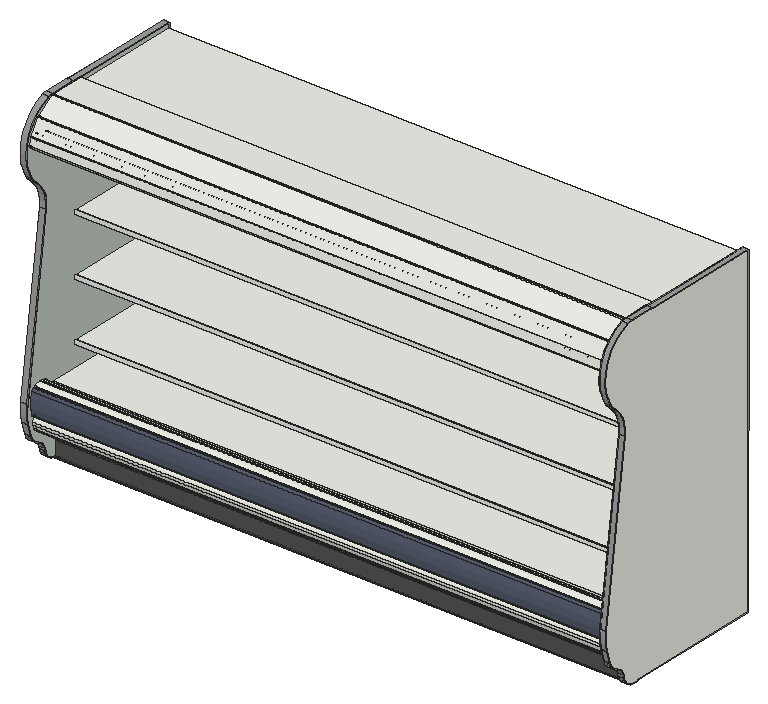
Revit family "ID5SL_2014", category Specialty Equipment, Revit 2014 (continued)
Automatic sketch dimensions
  Sweep 11 sketch curve to Sweep 11 sketch curve = 0.95394"
  Sweep 11 sketch curve to Sweep 11 sketch curve = 0.00027"
  Sweep 11 sketch curve to Sweep 11 sketch curve = 0"
  Sweep 11 sketch curve to Sweep 11 sketch curve = 0.00102"
  Sweep 11 sketch curve to profile plane = 0"
  Sweep 11 sketch curve to Sweep 11 sketch curve = 1/32"
  level to Sweep 12 sketch curve = 0.39646"
  level to Sweep 12 sketch curve = 0.59219"
  level to Sweep 12 sketch curve = 2.80742"
  Sweep 12 sketch curve to Sweep 12 sketch curve = 0.23593"
  Sweep 12 sketch curve to Sweep 12 sketch curve = 3.05697"
  Sweep 12 sketch curve to Sweep 12 sketch curve = 2.4625"
  plane 5 "Front" to Sweep 12 sketch curve = 2.02496"
  Sweep 12 sketch curve to Sweep 12 sketch curve = 0.6253"
  plane 5 "Front" to Sweep 12 sketch curve = 0.31043"
  Sweep 12 sketch curve to Sweep 12 sketch curve = 2.08108"
  Sweep 12 sketch curve to Sweep 12 sketch curve = 0.84195"
  Sweep 12 sketch curve to plane 5 "Front" = 0.51895"
  Sweep 12 sketch curve to Sweep 12 sketch curve = 3.09916"
  Sweep 12 sketch curve to Sweep 12 sketch curve = 5.19133"
  Sweep 12 sketch curve to plane 5 "Front" = 0.79868"
  Sweep 12 sketch curve to Sweep 12 sketch curve = 4.58424"
  plane 5 "Front" to Sweep 12 sketch curve = 4.75714"
  Sweep 12 sketch curve to plane 12 = 12.56515"
  plane 5 "Front" to Sweep 12 sketch curve = 5.04096"
  Sweep 12 sketch curve to Sweep 12 sketch curve = 2 5/256"
  Sweep 12 sketch curve to plane 5 "Front" = 2.49223"
  Sweep 12 sketch curve to Sweep 12 sketch curve = 1.05872"
  plane 12 to Sweep 12 sketch curve = 4.30203"
  plane 3 "Top" to Sweep 12 sketch curve = 4.86518"
  plane 3 "Top" to Sweep 12 sketch curve = 1.80168"
  Sweep 12 sketch curve to Sweep 12 sketch curve = 0.18955"
  plane 5 "Front" to Sweep 12 sketch curve = 1.94767"
  Sweep 12 sketch curve to Sweep 12 sketch curve = 1.20173"
  Sweep 12 sketch curve to Sweep 12 sketch curve = 2.93589"
  plane 5 "Front" to Sweep 12 sketch curve = 7.11277"
  Sweep 12 sketch curve to Sweep 12 sketch curve = 3.09451"
  Sweep 12 sketch curve to Sweep 12 sketch curve = 1.09259"
  Sweep 12 sketch curve to Sweep 12 sketch curve = 2.57071"
  Sweep 12 sketch curve to Sweep 12 sketch curve = 6.53024"
  Sweep 12 sketch curve to plane 1 "Back" = 0.42"
  Sweep 12 sketch curve to Sweep 12 sketch curve = 0.95394"
  Sweep 12 sketch curve to Sweep 12 sketch curve = 0.00027"
  Sweep 12 sketch curve to Sweep 12 sketch curve = 0"
  Sweep 12 sketch curve to Sweep 12 sketch curve = 0.00102"
  Sweep 12 sketch curve to profile plane = 0"
  profile plane to Sweep 12 sketch curve = 1/32"
  Extrusion 13 sketch curve to plane 5 "Front" = 2.49223"
  Extrusion 13 sketch curve to plane 5 "Front" = 0.79868"
  Extrusion 13 sketch curve to plane 5 "Front" = 0.51895"
  plane 5 "Front" to Extrusion 13 sketch curve = 0.31043"
  plane 5 "Front" to Extrusion 13 sketch curve = 1.94767"
  plane 5 "Front" to Extrusion 13 sketch curve = 2.02496"
  Extrusion 13 sketch curve to Extrusion 13 sketch curve = 1.20173"
  Extrusion 13 sketch curve to Extrusion 13 sketch curve = 1.42767"
  plane 5 "Front" to Extrusion 13 sketch curve = 4.75714"
  Extrusion 13 sketch curve to Extrusion 13 sketch curve = 2.93589"
  Extrusion 13 sketch curve to Extrusion 13 sketch curve = 0.28383"
  plane 3 "Top" to Extrusion 13 sketch curve = 1.61212"
  plane 5 "Front" to Extrusion 13 sketch curve = 7.11277"
  level to Extrusion 13 sketch curve = 0.39646"
  Extrusion 13 sketch curve to Extrusion 13 sketch curve = 3.09451"
  Extrusion 13 sketch curve to Extrusion 13 sketch curve = 3.14227"
  Extrusion 13 sketch curve to Extrusion 13 sketch curve = 1.09259"
  plane 12 to Extrusion 13 sketch curve = 4.30203"
  Extrusion 13 sketch curve to Extrusion 13 sketch curve = 2.57071"
  Extrusion 13 sketch curve to Extrusion 13 sketch curve = 6.40968"
  Extrusion 13 sketch curve to Extrusion 13 sketch curve = 6.53024"
  Extrusion 13 sketch curve to plane 1 "Back" = 0.42"
  level to Extrusion 13 sketch curve = 0.59219"
  level to Extrusion 13 sketch curve = 2.80742"
  Extrusion 13 sketch curve to Extrusion 13 sketch curve = 0.23593"
  Extrusion 13 sketch curve to Extrusion 13 sketch curve = 2.4625"
  Extrusion 13 sketch curve to Extrusion 13 sketch curve = 0.6253"
  Extrusion 13 sketch curve to Extrusion 13 sketch curve = 2.08108"
  Extrusion 13 sketch curve to Extrusion 13 sketch curve = 3.09916"
  Extrusion 13 sketch curve to Extrusion 13 sketch curve = 5.19133"
  Extrusion 13 sketch curve to plane 12 = 12.56515"
  Extrusion 13 sketch curve to Extrusion 13 sketch curve = 2 5/256"
  Extrusion 13 sketch curve to Extrusion 13 sketch curve = 1.05872"
  Extrusion 13 sketch curve to Extrusion 13 sketch curve = 3.25305"
  Extrusion 13 sketch curve to Extrusion 13 sketch curve = 0.18955"
  Extrusion 13 sketch curve to Extrusion 13 sketch curve = 0"
  Extrusion 13 sketch curve to Extrusion 13 sketch curve = 0.25554"
  Extrusion 13 sketch curve to Extrusion 13 sketch curve = 0.00102"
  Extrusion 13 sketch curve to Extrusion 13 sketch curve = 0.00027"
  level to Extrusion 14 sketch curve = 0.39646"
  level to Extrusion 14 sketch curve = 0.59219"
  level to Extrusion 14 sketch curve = 2.80742"
  Extrusion 14 sketch curve to Extrusion 14 sketch curve = 0.23593"
  Extrusion 14 sketch curve to Extrusion 14 sketch curve = 3.05697"
  Extrusion 14 sketch curve to Extrusion 14 sketch curve = 2.4625"
  plane 5 "Front" to Extrusion 14 sketch curve = 2.02496"
  Extrusion 14 sketch curve to Extrusion 14 sketch curve = 0.6253"
  plane 5 "Front" to Extrusion 14 sketch curve = 0.31043"
  Extrusion 14 sketch curve to Extrusion 14 sketch curve = 2.08108"
  Extrusion 14 sketch curve to Extrusion 14 sketch curve = 0.84195"
  Extrusion 14 sketch curve to plane 5 "Front" = 0.51895"
  Extrusion 14 sketch curve to Extrusion 14 sketch curve = 3.09916"
  Extrusion 14 sketch curve to Extrusion 14 sketch curve = 5.19133"
  Extrusion 14 sketch curve to plane 5 "Front" = 0.79868"
  Extrusion 14 sketch curve to Extrusion 14 sketch curve = 4.58424"
  plane 5 "Front" to Extrusion 14 sketch curve = 4.75714"
  Extrusion 14 sketch curve to plane 12 = 12.56515"
  plane 5 "Front" to Extrusion 14 sketch curve = 5.04096"
  Extrusion 14 sketch curve to Extrusion 14 sketch curve = 2 5/256"
  Extrusion 14 sketch curve to plane 5 "Front" = 2.49223"
  Extrusion 14 sketch curve to Extrusion 14 sketch curve = 1.05872"
  plane 12 to Extrusion 14 sketch curve = 4.30203"
  plane 3 "Top" to Extrusion 14 sketch curve = 4.86518"
  plane 3 "Top" to Extrusion 14 sketch curve = 1.80168"
  Extrusion 14 sketch curve to Extrusion 14 sketch curve = 0.18955"
  plane 5 "Front" to Extrusion 14 sketch curve = 13.64302"
  Extrusion 14 sketch curve to plane 1 "Back" = 0.42"
  plane 5 "Front" to Extrusion 14 sketch curve = 9.68348"
  plane 5 "Front" to Extrusion 14 sketch curve = 9.07066"
  Extrusion 14 sketch curve to Extrusion 14 sketch curve = 1.04484"
  Extrusion 14 sketch curve to Extrusion 14 sketch curve = 1.09259"
  Extrusion 14 sketch curve to Extrusion 14 sketch curve = 6.53024"
  Extrusion 14 sketch curve to Extrusion 14 sketch curve = 1.20173"
  plane 5 "Front" to Extrusion 14 sketch curve = 1.94767"
  Extrusion 14 sketch curve to Extrusion 14 sketch curve = 0.95394"
  Extrusion 14 sketch curve to Extrusion 14 sketch curve = 0.00027"
  Extrusion 14 sketch curve to Extrusion 14 sketch curve = 0"
  Extrusion 14 sketch curve to Extrusion 14 sketch curve = 0.00102"
  curve 5 to plane 1 "Back" = 0.45125"
  curve 7 to plane 1 "Back" = 0.45125"
  plane 3 "Top" to curve 11 = 1.58087"
  plane 3 "Top" to curve 13 = 1.58087"
  Extrusion 1 sketch curve to Extrusion 1 sketch curve = 0"  (x2)
  Extrusion 2 sketch curve to Extrusion 2 sketch curve = 0"
  Extrusion 3 sketch curve to Extrusion 3 sketch curve = 0"
  curve 2 to plane 5 "Front" = 0"
  plane 1 "Back" to curve 2 = 0"
  plane 1 "Back" to curve 1 = 0"
  Extrusion 15 sketch curve to plane 1 "Back" = 0"
  plane 1 "Back" to Extrusion 15 sketch curve = 6.26459"
  plane 1 "Back" to Extrusion 15 sketch curve = 6.45743"
  Extrusion 15 sketch curve to Extrusion 15 sketch curve = 1.43491"
  Extrusion 15 sketch curve to Extrusion 15 sketch curve = 0.41687"
  Extrusion 15 sketch curve to Extrusion 15 sketch curve = 0.24643"  (x2)
  Extrusion 15 sketch curve to Extrusion 15 sketch curve = 0.16264"  (x2)
  plane 1 "Back" to Extrusion 15 sketch curve = 8.95245"
  Extrusion 15 sketch curve to Extrusion 15 sketch curve = 4.56793"
  Extrusion 15 sketch curve to Extrusion 15 sketch curve = 3.33182"
  Extrusion 15 sketch curve to Extrusion 15 sketch curve = 0.39726"
  level to Extrusion 15 sketch curve = 2.05034"
  plane 3 "Top" to Extrusion 15 sketch curve = 2.73101"
  plane 5 "Front" to Extrusion 15 sketch curve = 15.88768"
  plane 3 "Top" to Extrusion 15 sketch curve = 5.7466"
  Extrusion 15 sketch curve to Extrusion 15 sketch curve = 2.82188"
  Extrusion 15 sketch curve to Extrusion 15 sketch curve = 1.23093"
  plane 5 "Front" to Extrusion 15 sketch curve = 8.38748"
  Extrusion 15 sketch curve to Extrusion 15 sketch curve = 3.63478"
  Extrusion 15 sketch curve to Extrusion 15 sketch curve = 0.20256"
  Extrusion 15 sketch curve to Extrusion 15 sketch curve = 0.03873"
  Extrusion 15 sketch curve to Extrusion 15 sketch curve = 0.10843"
  Extrusion 15 sketch curve to Extrusion 15 sketch curve = 0.81905"
  level to Extrusion 15 sketch curve = 6.20677"
  Extrusion 15 sketch curve to Extrusion 15 sketch curve = 0.0417"
  Extrusion 15 sketch curve to Extrusion 15 sketch curve = 0.02234"
  Extrusion 15 sketch curve to Extrusion 15 sketch curve = 0.24095"
  Extrusion 15 sketch curve to Extrusion 15 sketch curve = 0.09972"
  plane 3 "Top" to Extrusion 15 sketch curve = 1.80614"
  Extrusion 15 sketch curve to Extrusion 15 sketch curve = 0.27222"
  Extrusion 15 sketch curve to Extrusion 15 sketch curve = 2.5649"
  Extrusion 15 sketch curve to Extrusion 15 sketch curve = 0.10895"
  Extrusion 15 sketch curve to Extrusion 15 sketch curve = 0.25233"
  Extrusion 15 sketch curve to Extrusion 15 sketch curve = 0.0792"
  Extrusion 15 sketch curve to Extrusion 15 sketch curve = 0.12321"  (x5)
  Extrusion 15 sketch curve to Extrusion 15 sketch curve = 0.15584"
  Extrusion 15 sketch curve to Extrusion 15 sketch curve = 0.02034"
  Extrusion 15 sketch curve to Extrusion 15 sketch curve = 0.06998"
  Extrusion 15 sketch curve to Extrusion 15 sketch curve = 0.55474"
  Extrusion 15 sketch curve to Extrusion 15 sketch curve = 0.91586"
  Extrusion 15 sketch curve to Extrusion 15 sketch curve = 0.0393"
  Extrusion 15 sketch curve to Extrusion 15 sketch curve = 0.04965"
  Extrusion 15 sketch curve to Extrusion 15 sketch curve = 0.62419"
  Extrusion 15 sketch curve to Extrusion 15 sketch curve = 0.90121"
  Extrusion 15 sketch curve to Extrusion 15 sketch curve = 0.00799"
  Extrusion 15 sketch curve to Extrusion 15 sketch curve = 0.12263"
  Extrusion 15 sketch curve to Extrusion 15 sketch curve = 2.50153"
  plane 5 "Front" to Extrusion 15 sketch curve = 2.4989"
  Extrusion 15 sketch curve to Extrusion 15 sketch curve = 0.02612"
  Extrusion 15 sketch curve to Extrusion 15 sketch curve = 0.08774"
  Extrusion 15 sketch curve to Extrusion 15 sketch curve = 0.00586"
  Extrusion 15 sketch curve to Extrusion 15 sketch curve = 0.14473"
  Extrusion 15 sketch curve to Extrusion 15 sketch curve = 1.48694"
  plane 5 "Front" to Extrusion 15 sketch curve = 2.15613"
  Extrusion 15 sketch curve to Extrusion 15 sketch curve = 0.43126"
  Extrusion 15 sketch curve to Extrusion 15 sketch curve = 0.0616"  (x3)
  Extrusion 15 sketch curve to Extrusion 15 sketch curve = 0.47061"
  Extrusion 15 sketch curve to Extrusion 15 sketch curve = 0.0511"
  Extrusion 15 sketch curve to Extrusion 15 sketch curve = 0.24693"
  Extrusion 15 sketch curve to Extrusion 15 sketch curve = 0.08062"
  Extrusion 15 sketch curve to Extrusion 15 sketch curve = 0.06111"
  Extrusion 15 sketch curve to Extrusion 15 sketch curve = 0.00024"
  Extrusion 15 sketch curve to Extrusion 15 sketch curve = 0.0406"
  Extrusion 15 sketch curve to Extrusion 15 sketch curve = 0.13849"
  Extrusion 15 sketch curve to Extrusion 15 sketch curve = 0.04192"
  Extrusion 15 sketch curve to Extrusion 15 sketch curve = 5/128"
  Extrusion 15 sketch curve to Extrusion 15 sketch curve = 0.04733"
  Extrusion 15 sketch curve to Extrusion 15 sketch curve = 0.10432"
  Extrusion 15 sketch curve to Extrusion 15 sketch curve = 0.12462"
  Extrusion 15 sketch curve to Extrusion 15 sketch curve = 0.07704"
  Extrusion 15 sketch curve to Extrusion 15 sketch curve = 0.07909"  (x2)
  Extrusion 15 sketch curve to Extrusion 15 sketch curve = 0.05158"  (x2)
  Extrusion 15 sketch curve to Extrusion 15 sketch curve = 0.10489"
  Extrusion 15 sketch curve to Extrusion 15 sketch curve = 0.11271"
  Extrusion 15 sketch curve to Extrusion 15 sketch curve = 0.03385"
  Extrusion 15 sketch curve to Extrusion 15 sketch curve = 0.34073"
  Extrusion 15 sketch curve to Extrusion 15 sketch curve = 0.05036"
  plane 5 "Front" to Extrusion 15 sketch curve = 0.78561"
  plane 5 "Front" to Extrusion 15 sketch curve = 0.68024"
  Extrusion 15 sketch curve to Extrusion 15 sketch curve = 0.13463"
  Extrusion 15 sketch curve to Extrusion 15 sketch curve = 0.35096"
  Extrusion 15 sketch curve to Extrusion 15 sketch curve = 0.0834"
  Extrusion 15 sketch curve to Extrusion 15 sketch curve = 0"  (x9)
  plane 5 "Front" to Extrusion 15 sketch curve = 0.3855"
  plane 5 "Front" to Extrusion 15 sketch curve = 0.30129"
  plane 5 "Front" to Extrusion 15 sketch curve = 0.17113"
  plane 5 "Front" to Extrusion 15 sketch curve = 0.12751"
  Extrusion 15 sketch curve to Extrusion 15 sketch curve = 0.0259"
  plane 5 "Front" to Extrusion 15 sketch curve = 0.07886"
  Extrusion 15 sketch curve to plane 5 "Front" = 0.20057"
  Extrusion 15 sketch curve to Extrusion 15 sketch curve = 0.09228"
  Extrusion 15 sketch curve to Extrusion 15 sketch curve = 0.02801"
  Extrusion 15 sketch curve to Extrusion 15 sketch curve = 2.55548"
  Extrusion 15 sketch curve to Extrusion 15 sketch curve = 0.36996"
  Extrusion 15 sketch curve to Extrusion 15 sketch curve = 0.10851"
  Extrusion 15 sketch curve to Extrusion 15 sketch curve = 0.01936"
  Extrusion 15 sketch curve to Extrusion 15 sketch curve = 0.16263"
  Extrusion 15 sketch curve to Extrusion 15 sketch curve = 0.04319"
  Extrusion 15 sketch curve to Extrusion 15 sketch curve = 0.13588"
  Extrusion 15 sketch curve to Extrusion 15 sketch curve = 4.42727"
  Extrusion 15 sketch curve to Extrusion 15 sketch curve = 1.28367"
  Extrusion 15 sketch curve to Extrusion 15 sketch curve = 0.31176"
  Extrusion 15 sketch curve to Extrusion 15 sketch curve = 0.11965"
  Extrusion 15 sketch curve to Extrusion 15 sketch curve = 0.80224"
  Extrusion 15 sketch curve to Extrusion 15 sketch curve = 0.0576"
  Extrusion 15 sketch curve to Extrusion 15 sketch curve = 0.25682"
  Extrusion 15 sketch curve to Extrusion 15 sketch curve = 0.29643"
  Extrusion 15 sketch curve to Extrusion 15 sketch curve = 0.03588"
  Extrusion 15 sketch curve to Extrusion 15 sketch curve = 1.46593"
  Extrusion 15 sketch curve to Extrusion 15 sketch curve = 0.00989"
  Extrusion 15 sketch curve to Extrusion 15 sketch curve = 0.07289"
  Extrusion 15 sketch curve to Extrusion 15 sketch curve = 0.09956"
  Extrusion 15 sketch curve to Extrusion 15 sketch curve = 2.45478"
  Extrusion 15 sketch curve to Extrusion 15 sketch curve = 1.26896"
  Extrusion 15 sketch curve to Extrusion 15 sketch curve = 1.0494"
  Extrusion 15 sketch curve to Extrusion 15 sketch curve = 0.90782"
  Extrusion 15 sketch curve to Extrusion 15 sketch curve = 0.01186"
  Extrusion 15 sketch curve to Extrusion 15 sketch curve = 2.4841"
  Extrusion 15 sketch curve to Extrusion 15 sketch curve = 2.14501"
  Extrusion 15 sketch curve to Extrusion 15 sketch curve = 0.41364"
  Extrusion 15 sketch curve to Extrusion 15 sketch curve = 0.03007"
  Extrusion 15 sketch curve to Extrusion 15 sketch curve = 0.89633"
  Extrusion 15 sketch curve to Extrusion 15 sketch curve = 0.05073"
  Extrusion 15 sketch curve to Extrusion 15 sketch curve = 0.12468"
  Extrusion 15 sketch curve to Extrusion 15 sketch curve = 0.02867"
  Extrusion 15 sketch curve to Extrusion 15 sketch curve = 0.07834"
  plane 12 to Extrusion 15 sketch curve = 5.35012"
  Extrusion 15 sketch curve to Extrusion 15 sketch curve = 0.16513"
  Extrusion 15 sketch curve to Extrusion 15 sketch curve = 0.03251"
  Extrusion 15 sketch curve to Extrusion 15 sketch curve = 0.04157"
  Extrusion 15 sketch curve to Extrusion 15 sketch curve = 0.12379"
  Extrusion 15 sketch curve to Extrusion 15 sketch curve = 0.42009"
  Extrusion 15 sketch curve to Extrusion 15 sketch curve = 0.08165"
  Extrusion 15 sketch curve to Extrusion 15 sketch curve = 0.46703"
  Extrusion 15 sketch curve to Extrusion 15 sketch curve = 0.37645"
  Extrusion 15 sketch curve to Extrusion 15 sketch curve = 0.04596"
  Extrusion 15 sketch curve to Extrusion 15 sketch curve = 0.09227"
  Extrusion 15 sketch curve to Extrusion 15 sketch curve = 0.21648"
  Extrusion 15 sketch curve to Extrusion 15 sketch curve = 0.4966"
  Extrusion 15 sketch curve to Extrusion 15 sketch curve = 0.27742"
  Extrusion 15 sketch curve to Extrusion 15 sketch curve = 0.12833"
  Extrusion 15 sketch curve to Extrusion 15 sketch curve = 0.0374"
  Extrusion 15 sketch curve to Extrusion 15 sketch curve = 0.1602"
  Extrusion 15 sketch curve to Extrusion 15 sketch curve = 0.0443"
  Extrusion 15 sketch curve to Extrusion 15 sketch curve = 0.21366"
  Extrusion 15 sketch curve to Extrusion 15 sketch curve = 0.24597"
  Extrusion 15 sketch curve to Extrusion 15 sketch curve = 0.27065"
  Extrusion 15 sketch curve to Extrusion 15 sketch curve = 0.00005"
  Extrusion 15 sketch curve to Extrusion 15 sketch curve = 0.76525"
  plane 3 "Top" to Extrusion 15 sketch curve = 7.63745"
  Extrusion 15 sketch curve to Extrusion 15 sketch curve = 1.68161"
  Extrusion 15 sketch curve to Extrusion 15 sketch curve = 0.27819"
  Extrusion 15 sketch curve to Extrusion 15 sketch curve = 0.01074"
  Extrusion 15 sketch curve to Extrusion 15 sketch curve = 2.17151"
  Extrusion 15 sketch curve to Extrusion 15 sketch curve = 3.22412"
  Extrusion 15 sketch curve to Extrusion 15 sketch curve = 0.0591"
  Extrusion 15 sketch curve to Extrusion 15 sketch curve = 23/256"
  Extrusion 15 sketch curve to Extrusion 15 sketch curve = 0.00961"
  Extrusion 15 sketch curve to Extrusion 15 sketch curve = 0.03944"
  Extrusion 15 sketch curve to Extrusion 15 sketch curve = 0.81065"
  Extrusion 15 sketch curve to Extrusion 15 sketch curve = 0.41104"
  Extrusion 15 sketch curve to Extrusion 15 sketch curve = 0.00341"  (x2)
  Extrusion 15 sketch curve to Extrusion 15 sketch curve = 0.00108"  (x2)
  Extrusion 15 sketch curve to Extrusion 15 sketch curve = 0.00442"
  Extrusion 15 sketch curve to Extrusion 15 sketch curve = 0.02066"
  Extrusion 15 sketch curve to Extrusion 15 sketch curve = 0.10519"
  Extrusion 15 sketch curve to Extrusion 15 sketch curve = 0.06162"
  Extrusion 15 sketch curve to Extrusion 15 sketch curve = 0.04358"
  Extrusion 15 sketch curve to Extrusion 15 sketch curve = 0.0974"
  Extrusion 15 sketch curve to Extrusion 15 sketch curve = 0.00002"
  Extrusion 15 sketch curve to Extrusion 15 sketch curve = 0.06112"  (x2)
  Extrusion 15 sketch curve to Extrusion 15 sketch curve = 0.01324"
  Extrusion 15 sketch curve to Extrusion 15 sketch curve = 0.02339"
  Extrusion 15 sketch curve to Extrusion 15 sketch curve = 0.02795"
  Extrusion 15 sketch curve to Extrusion 15 sketch curve = 0.02726"
  Extrusion 15 sketch curve to Extrusion 15 sketch curve = 0.02341"
  Extrusion 15 sketch curve to Extrusion 15 sketch curve = 0.3077"
  plane 5 "Front" to Extrusion 15 sketch curve = 1.23112"
  plane 5 "Front" to Extrusion 15 sketch curve = 1.25883"
  Extrusion 15 sketch curve to Extrusion 15 sketch curve = 1.00532"
  Extrusion 15 sketch curve to Extrusion 15 sketch curve = 0.08712"
  Extrusion 15 sketch curve to Extrusion 15 sketch curve = 3.07653"
  Extrusion 15 sketch curve to Extrusion 15 sketch curve = 1.42822"
  Extrusion 15 sketch curve to Extrusion 15 sketch curve = 0.00409"
  Extrusion 15 sketch curve to Extrusion 15 sketch curve = 0.03206"
  Extrusion 15 sketch curve to Extrusion 15 sketch curve = 1.62725"
  Extrusion 15 sketch curve to Extrusion 15 sketch curve = 0.14884"
  Extrusion 15 sketch curve to Extrusion 15 sketch curve = 1.74789"
  Extrusion 4 sketch curve to Extrusion 4 sketch curve = 7.75405"
  Extrusion 4 sketch curve to Extrusion 4 sketch curve = 2.21437"
  Extrusion 4 sketch curve to Extrusion 4 sketch curve = 0.56556"
  Extrusion 4 sketch curve to plane 11 = 11.4449"
  Extrusion 4 sketch curve to Extrusion 4 sketch curve = 0.24983"
  Extrusion 4 sketch curve to Extrusion 4 sketch curve = 0.08311"
  Extrusion 4 sketch curve to Extrusion 4 sketch curve = 0.35966"  (x2)
  Extrusion 4 sketch curve to Extrusion 4 sketch curve = 0.10519"
  curve 15 to level = 0"
  plane 3 "Top" to curve 15 = 2.73101"
  curve 14 to plane 1 "Back" = 0.45125"
  plane 3 "Top" to curve 10 = 7.12251"
  curve 14 to curve 8 = 0.96058"
  plane 5 "Front" to Extrusion 7 sketch curve = 7.97"
  plane 5 "Front" to Extrusion 16 sketch curve = 7.43179"
  Extrusion 16 sketch curve to Extrusion 16 sketch curve = 0.02497"
  Extrusion 16 sketch curve to Extrusion 16 sketch curve = 0.03495"  (x2)
  Extrusion 16 sketch curve to Extrusion 16 sketch curve = 0.01498"  (x2)
  level to Extrusion 16 sketch curve = 4.97713"
  Extrusion 16 sketch curve to Extrusion 16 sketch curve = 0.00999"
  Extrusion 16 sketch curve to Extrusion 16 sketch curve = 0.00865"  (x2)
  Extrusion 16 sketch curve to Extrusion 16 sketch curve = 0.58691"
  Extrusion 16 sketch curve to Extrusion 16 sketch curve = 0.65722"
  Extrusion 16 sketch curve to Extrusion 16 sketch curve = 0.9866"
  Extrusion 16 sketch curve to Extrusion 16 sketch curve = 2.394"
Nested families (in)
  nested 1: "Floor Support-Skid-ID5SL" at (16.85547, 0, 0), visible <- "Supports", type "Floor Support-Skid"
  nested 2: "Floor Support-Skid-ID5SL" at (-31.14453, 0, 0), visible <- "Supports", type "Floor Support-Skid"
  nested 3: "Floor Support-Side Skid-ID5SL" at (-79.33203, 0, 0), type "Floor Support-Side Skid"
  nested 4: "Floor Support-Side Skid-ID5SL" at (69.09306, 0, 0) x (-1, 0, 0) z (0, 0, 1), type "Floor Support-Side Skid"
  nested 5: "Shelf" at (0, -7.70304, 19.25), visible <- "Shelf", type "Shelf"
    with Width 144 3/8", Depth 22"
  nested 6: "Shelf" at (0, -7.70304, 63.25), visible <- "Shelf", type "Shelf"
    with Width 144 3/8", Depth 22"
  nested 7: "Shelf" at (0, -7.70304, 33.91667), visible <- "Shelf", type "Shelf"
    with Width 144 3/8", Depth 22"
  nested 8: "Shelf" at (0, -7.70304, 48.58333), visible <- "Shelf", type "Shelf"
    with Width 144 3/8", Depth 22"
  nested 9: "Floor Support-Skid-ID5SL" at (-7.14453, 0, 0), visible <- "Center Support 1", type "Floor Support-Skid"
  nested 10: "Light" at (-5.11949, -26.17841, 22.79738), type "Light"
    with Length 144 3/8"
  nested 11: "Light" at (-5.11949, -20.09503, 15.25), visible <- "Shelf Lights", type "Light"
    with Length 144 3/8"
  nested 12: "Light" at (-5.11949, -20.09503, 0.58333), visible <- "Shelf Lights", type "Light"
    with Length 144 3/8"
  nested 13: "Light" at (-5.11949, -20.09503, -14.08333), visible <- "Shelf Lights", type "Light"
    with Length 144 3/8"
  nested 14: "Light" at (-5.11949, -20.09503, -28.75), visible <- "Shelf Lights", type "Light"
    with Length 144 3/8"
  nested 15: "Floor Support-Skid-ID5SL" at (-7.14453, 0, 0), visible <- "Center Support 2", type "Floor Support-Skid"
Connectors (in)
  piping at (-5.11949, -33.50149, 0), diameter 1.25, driven by "Waste Drain"
    settings: on Extrusion 1, index 8, connector inside diameter 1 1/4", connector length 0", flow factor 0, pipe flow 0 GPM, pressure drop 0.00 psi, fitting loss kfactor 0, connector angle 0.00°, fixture units 0, engagement length 0", angle of deflection 0.00°, flow configuration 0, flow direction 0, fitting loss method 0, system type 16, joint type 0, gender type 0, connector reference index -1, connector utility 0, adjustable connector no, is connector primary yes, connector description "1 1/4\""
  piping at (58.27404, -28.71552, 0), diameter 0.875, driven by "Refrig. Suction", driven by "Refrigeration Lines Suction"
    settings: on Extrusion 2, index 9, connector inside diameter 7/8", connector length 0", flow factor 0, pipe flow 0 GPM, pressure drop 0.00 psi, fitting loss kfactor 0, connector angle 0.00°, fixture units 0, engagement length 0", angle of deflection 0.00°, flow configuration 0, flow direction 2, fitting loss method 0, system type 22, joint type 0, gender type 0, connector reference index -1, connector utility 0, adjustable connector no, is connector primary no, connector description "Suction"
  piping at (58.89904, -28.71552, 0), diameter 0.375, driven by "Refrig. Liquid", driven by "Refrigeration Lines Liquid"
    settings: on Extrusion 3, index 10, connector inside diameter 3/8", connector length 0", flow factor 0, pipe flow 0 GPM, pressure drop 0.00 psi, fitting loss kfactor 0, connector angle 0.00°, fixture units 0, engagement length 0", angle of deflection 0.00°, flow configuration 0, flow direction 1, fitting loss method 0, system type 22, joint type 0, gender type 0, connector reference index -1, connector utility 0, adjustable connector no, is connector primary no, connector description "Liquid"
Definition of nested family "Floor Support-Skid-ID5SL"
  Parameters (values of type "Floor Support-Skid")
    Width = 8 69/128"
    URL = "www.hussmann.com"
    Type Comments = ""
    Revit Family Date = "11/19/2015"  # constant formula
    Model = ""
    Manufacturer = "Hussmann Corporation"
    Height = 10.26407"
    Floor Support = none
    Description = ""
    Depth = 35.02835"
    Assembly Code = ""
    Accessories/Options = ""
  Reference planes (in)
    plane 1 "Back": y = 0
    plane 2 "Bottom": z = 0
    plane 3 "Top": z = 10.26407
    plane 4 "Left": x = -2.24449
    plane 5 "Right": x = 6.29458
    plane 6 "Front": y = -35.02835
    plane 7 "Center (Left/Right)": x = 2.02504
  Forms (in)
    Extrusion 1, solid, material <- "Floor Support"
      sketch origin (2.02504, 0, 0) x (0, 1, 0) y (0, 0, 1)
        loop
          line (-29.40639, 5.83681) -> (-27.20286, 4.66023)
          arc (-27.20286, 4.66023) -> (-27.1357, 4.59907) -> (-27.10579, 4.5133) r 0.18482
          line (-27.10579, 4.5133) -> (-27.05944, 3.98345) -> (-26.97437, 3.17009) -> (-25.04952, 3.17009)
          arc (-25.04952, 3.17009) -> (-24.97473, 3.14018) -> (-24.93349, 3.07099) r 0.12559
          line (-24.93349, 3.07099) -> (-24.5586, 0.70402)
          arc (-24.5586, 0.70402) -> (-24.58697, 0.60343) -> (-24.68189, 0.55967) r 0.12483
          line (-24.68189, 0.55967) -> (-26.66101, 0.55967)
          arc (-26.66101, 0.55967) -> (-26.55131, 0.46488) -> (-26.4104, 0.43076) r 0.30804
          line (-26.4104, 0.43076) -> (-26.14336, 0.43076)
          arc (-26.14336, 0.43076) -> (-26.05095, 0.406) -> (-25.9833, 0.33835) r 0.18482
          arc (-25.9833, 0.33835) -> (-25.87055, 0.2256) -> (-25.71653, 0.18433) r 0.30804
          line (-25.71653, 0.18433) -> (-24.98506, 0.18433)
          arc (-24.98506, 0.18433) -> (-24.81384, 0.04847) -> (-24.60071, 0) r 0.49286
          arc (-24.60071, 0) -> (-24.38759, 0.04847) -> (-24.21637, 0.18433) r 0.49286
          line (-24.21637, 0.18433) -> (-17.67662, 0.18433)
          arc (-17.67662, 0.18433) -> (-17.55874, 0.20778) -> (-17.4588, 0.27455) r 0.30804
          line (-17.4588, 0.27455) -> (-17.34631, 0.38704)
          arc (-17.34631, 0.38704) -> (-17.30507, 0.41774) -> (-17.25677, 0.43531) r 0.17728
          arc (-17.25677, 0.43531) -> (-12.64597, 0.90587) -> (-8.03518, 0.43531) r 22.82483
          arc (-8.03518, 0.43531) -> (-7.98687, 0.41774) -> (-7.94563, 0.38704) r 0.17728
          line (-7.94563, 0.38704) -> (-7.83314, 0.27455)
          arc (-7.83314, 0.27455) -> (-7.73321, 0.20778) -> (-7.61533, 0.18433) r 0.30804
          line (-7.61533, 0.18433) -> (-6.07708, 0.18433)
          arc (-6.07708, 0.18433) -> (-5.90587, 0.04847) -> (-5.69274, 0) r 0.49286
          arc (-5.69274, 0) -> (-5.47961, 0.04847) -> (-5.3084, 0.18433) r 0.49286
          line (-5.3084, 0.18433) -> (-3.31322, 0.18433)
          arc (-3.31322, 0.18433) -> (-3.09766, 0.27252) -> (-3.00573, 0.4865) r 0.30754
          line (-3.00573, 0.4865) -> (-2.93724, 3.46811) -> (-2.93314, 3.70314) -> (-2.92898, 3.94128) -> (-2.92648, 4.08452) -> (-2.92226, 4.32621)
          arc (-2.92226, 4.32621) -> (-2.90756, 4.39537) -> (-2.86802, 4.454) r 0.18531
          line (-2.86802, 4.454) -> (-0.13552, 6.56853)
          arc (-0.13552, 6.56853) -> (-0.06948, 6.66674) -> (-0.04533, 6.78259) r 0.30804
          line (-0.04533, 6.78259) -> (-0.00307, 10.26255) -> (-8.95245, 5.83681) -> (-29.40639, 5.83681)
      from -4.26953 to 4.26953
    Extrusion 2, solid, material <- "Floor Support"
      sketch origin (2.02504, 0, 0) x (0, 1, 0) y (0, 0, 1)
        loop
          line (-35.02835, 1.46307) -> (-35.02835, 0.40391) -> (-26.8256, 0.40391) -> (-26.8256, 0.55967) -> (-24.68189, 0.55967)
          arc (-24.68189, 0.55967) -> (-24.58697, 0.60343) -> (-24.5586, 0.70402) r 0.12483
          line (-24.5586, 0.70402) -> (-24.93349, 3.07099)
          arc (-24.93349, 3.07099) -> (-24.97473, 3.14018) -> (-25.04952, 3.17009) r 0.12559
          line (-25.04952, 3.17009) -> (-27.68576, 3.17009) -> (-35.02835, 1.46307)
      from -4.26953 to 4.26953
    Extrusion 3, void
      sketch origin (0, 0, 0) x (1, 0, 0) y (0, 1, 0)
        loop
          line (-3.47496, 1.49815) -> (-3.47496, -35.02835) -> (0.98283, -35.02835) -> (0.98283, -34.87538) -> (0.82679, -34.87538) -> (0.82679, -30.00466) -> (-0.52044, -30.00466)
          arc (-0.52044, -30.00466) -> (-1.07593, -29.89805) -> (-1.55249, -29.5934) r 1.50058
          arc (-1.55249, -29.5934) -> (-1.78569, -29.2595) -> (-1.86829, -28.86069) r 1.01143
          line (-1.86829, -28.86069) -> (-1.86829, -8.49332) -> (-2.2437, -0.4164)
          spline (-2.2437, -0.4164) -> (-2.24349, -0.40764) -> (-2.24204, -0.39904) -> (-2.23939, -0.3908) -> (-2.23558, -0.38306) -> (-2.2307, -0.37599) -> (-2.22484, -0.36972) -> (-2.21811, -0.36439) -> (-2.21065, -0.36009) -> (-2.20261, -0.35691) -> (-2.19415, -0.35491) -> (-2.18544, -0.35414) -> (-2.17664, -0.35462)
          line (-2.17664, -0.35462) -> (-1.55563, -0.35462)
          spline (-1.55563, -0.35462) -> (-1.54753, -0.35408) -> (-1.53962, -0.3525) -> (-1.53204, -0.34988) -> (-1.52491, -0.34628) -> (-1.51835, -0.34175) -> (-1.51248, -0.33638) -> (-1.5074, -0.33026) -> (-1.5032, -0.32349) -> (-1.49994, -0.31618) -> (-1.49768, -0.30847) -> (-1.49647, -0.30048) -> (-1.49631, -0.29235)
          line (-1.49631, -0.29235) -> (-1.50101, -0.19117)
          spline (-1.50101, -0.19117) -> (-1.50055, -0.16661) -> (-1.49689, -0.14248) -> (-1.49008, -0.11917) -> (-1.48026, -0.09711) -> (-1.46758, -0.07665) -> (-1.45226, -0.05815) -> (-1.43457, -0.04193) -> (-1.41481, -0.02827) -> (-1.3933, -0.01739) -> (-1.37043, -0.00948) -> (-1.34659, -0.00468) -> (-1.32217, -0.00307)
          line (-1.32217, -0.00307) -> (5.37226, -0.00307)
          spline (5.37226, -0.00307) -> (5.39668, -0.00468) -> (5.42052, -0.00948) -> (5.44339, -0.01739) -> (5.4649, -0.02827) -> (5.48466, -0.04193) -> (5.50235, -0.05815) -> (5.51767, -0.07665) -> (5.53035, -0.09711) -> (5.54017, -0.11917) -> (5.54698, -0.14248) -> (5.55064, -0.16661) -> (5.5511, -0.19117)
          line (5.5511, -0.19117) -> (5.5464, -0.29235)
          spline (5.5464, -0.29235) -> (5.54661, -0.30112) -> (5.54806, -0.30971) -> (5.55071, -0.31796) -> (5.55452, -0.32569) -> (5.5594, -0.33276) -> (5.56527, -0.33903) -> (5.572, -0.34437) -> (5.57945, -0.34867) -> (5.58749, -0.35185) -> (5.59595, -0.35384) -> (5.60467, -0.35461) -> (5.61346, -0.35414)
          line (5.61346, -0.35414) -> (6.23447, -0.35414)
          spline (6.23447, -0.35414) -> (6.24257, -0.35467) -> (6.25048, -0.35626) -> (6.25806, -0.35888) -> (6.2652, -0.36248) -> (6.27175, -0.367) -> (6.27762, -0.37237) -> (6.2827, -0.37849) -> (6.28691, -0.38527) -> (6.29016, -0.39257) -> (6.29242, -0.40029) -> (6.29364, -0.40828) -> (6.29379, -0.4164)
          line (6.29379, -0.4164) -> (5.91838, -8.49332) -> (5.91838, -28.86069)
          arc (5.91838, -28.86069) -> (5.83578, -29.2595) -> (5.60258, -29.5934) r 1.01143
          arc (5.60258, -29.5934) -> (5.12602, -29.89805) -> (4.57053, -30.00466) r 1.50058
          line (4.57053, -30.00466) -> (3.2233, -30.00466) -> (3.2233, -34.87538) -> (3.06726, -34.87538) -> (3.06726, -35.02835) -> (7.52504, -35.02835) -> (7.52504, 1.49815) -> (-3.47496, 1.49815)
      from 0 to 10.26407
  Cuts and joins
    Extrusion 3 cuts Extrusion 2
  Dimensions and locks (in)
    equal spacing: plane 4 "Left", plane 7 "Center (Left/Right)", plane 5 "Right"
    "Width": plane 4 "Left" to plane 5 "Right"
    "Depth": plane 6 "Front" to plane 1 "Back"
    "Height": plane 3 "Top" to level
    Extrusion 3 sketch curve to plane 7 "Center (Left/Right)" to Extrusion 3 sketch curve = 5 1/2", 5 1/2"
    aligned and locked: Extrusion 1 to plane 4 "Left"
    aligned and locked: plane 5 "Right" to Extrusion 1
    aligned and locked: Extrusion 2 to plane 4 "Left"
    aligned and locked: plane 5 "Right" to Extrusion 2
    aligned and locked: Extrusion 3 to level
    aligned and locked: Extrusion 3 to plane 3 "Top"
  Automatic sketch dimensions
    Extrusion 1 sketch curve to Extrusion 1 sketch curve = 0.26705"
    Extrusion 1 sketch curve to Extrusion 1 sketch curve = 0.42683"
    Extrusion 1 sketch curve to Extrusion 1 sketch curve = 6.53976"
    level to Extrusion 1 sketch curve = 0.27455"
    Extrusion 1 sketch curve to Extrusion 1 sketch curve = 0.21781"  (x3)
    level to Extrusion 1 sketch curve = 0.38704"  (x2)
    Extrusion 1 sketch curve to Extrusion 1 sketch curve = 0.11249"  (x2)
    Extrusion 1 sketch curve to Extrusion 1 sketch curve = 0.12536"  (x3)
    plane 1 "Back" to Extrusion 1 sketch curve = 12.64597"
    plane 3 "Top" to Extrusion 1 sketch curve = 4.42727"
    plane 1 "Back" to Extrusion 1 sketch curve = 8.95245"
    level to Extrusion 1 sketch curve = 0.26169"
    Extrusion 1 sketch curve to Extrusion 1 sketch curve = 0.88146"
    Extrusion 1 sketch curve to Extrusion 1 sketch curve = 1.53824"
    Extrusion 1 sketch curve to Extrusion 1 sketch curve = 1.99518"
    level to Extrusion 1 sketch curve = 0.4865"
    Extrusion 1 sketch curve to Extrusion 1 sketch curve = 0.3075"
    plane 1 "Back" to Extrusion 1 sketch curve = 2.93724"
    Extrusion 1 sketch curve to Extrusion 1 sketch curve = 0.0041"
    Extrusion 1 sketch curve to Extrusion 1 sketch curve = 0.00416"
    Extrusion 1 sketch curve to Extrusion 1 sketch curve = 0.0025"
    Extrusion 1 sketch curve to Extrusion 1 sketch curve = 0.00422"
    Extrusion 1 sketch curve to Extrusion 1 sketch curve = 0.05424"
    Extrusion 1 sketch curve to Extrusion 1 sketch curve = 0.13105"
    plane 1 "Back" to Extrusion 1 sketch curve = 0.35335"
    plane 1 "Back" to Extrusion 1 sketch curve = 0.13552"
    plane 1 "Back" to Extrusion 1 sketch curve = 0.04533"
    plane 3 "Top" to Extrusion 1 sketch curve = 0.00152"
    plane 1 "Back" to Extrusion 1 sketch curve = 0.00307"
    Extrusion 1 sketch curve to level = 21.91896"
    level to Extrusion 1 sketch curve = 0.24594"
    Extrusion 1 sketch curve to Extrusion 1 sketch curve = 0.18482"
    Extrusion 1 sketch curve to Extrusion 1 sketch curve = 0.30804"  (x2)
    Extrusion 1 sketch curve to Extrusion 1 sketch curve = 2.98161"
    Extrusion 1 sketch curve to Extrusion 1 sketch curve = 0.23503"
    Extrusion 1 sketch curve to Extrusion 1 sketch curve = 0.23814"
    Extrusion 1 sketch curve to Extrusion 1 sketch curve = 0.14324"
    Extrusion 1 sketch curve to Extrusion 1 sketch curve = 0.23845"
    Extrusion 1 sketch curve to Extrusion 1 sketch curve = 0.00323"
    Extrusion 1 sketch curve to Extrusion 1 sketch curve = 2.24556"
    Extrusion 1 sketch curve to Extrusion 1 sketch curve = 0.21406"
    Extrusion 1 sketch curve to Extrusion 1 sketch curve = 0.2506"
    plane 6 "Front" to Extrusion 1 sketch curve = 5.62196"
    Extrusion 1 sketch curve to Extrusion 1 sketch curve = 0"  (x4)
    Extrusion 1 sketch curve to Extrusion 1 sketch curve = 0.87951"
    level to Extrusion 1 sketch curve = 4.66023"
    Extrusion 1 sketch curve to Extrusion 1 sketch curve = 0.08705"
    level to Extrusion 1 sketch curve = 4.5133"
    Extrusion 1 sketch curve to Extrusion 1 sketch curve = 0.09706"
    level to Extrusion 1 sketch curve = 3.98345"
    Extrusion 1 sketch curve to Extrusion 1 sketch curve = 0.04636"
    Extrusion 1 sketch curve to Extrusion 1 sketch curve = 2.20353"
    Extrusion 1 sketch curve to Extrusion 1 sketch curve = 0.08507"
    Extrusion 1 sketch curve to Extrusion 1 sketch curve = 1.92485"
    level to Extrusion 1 sketch curve = 3.07099"
    Extrusion 1 sketch curve to Extrusion 1 sketch curve = 0.11603"
    Extrusion 1 sketch curve to Extrusion 1 sketch curve = 0.00677"
    Extrusion 1 sketch curve to Extrusion 1 sketch curve = 0.12329"
    Extrusion 1 sketch curve to Extrusion 1 sketch curve = 5/256"
    Extrusion 1 sketch curve to level = 0"  (x2)
    Extrusion 1 sketch curve to Extrusion 1 sketch curve = 0.08117"
    Extrusion 1 sketch curve to Extrusion 1 sketch curve = 0.06681"
    level to Extrusion 1 sketch curve = 0.18433"  (x4)
    Extrusion 1 sketch curve to Extrusion 1 sketch curve = 0.02631"
    Extrusion 1 sketch curve to Extrusion 1 sketch curve = 0.38434"
    Extrusion 1 sketch curve to Extrusion 1 sketch curve = 0.73147"
    level to Extrusion 2 sketch curve = 3.17009"
    plane 6 "Front" to Extrusion 2 sketch curve = 7.3426"
    Extrusion 2 sketch curve to Extrusion 2 sketch curve = 2.63624"
    level to Extrusion 2 sketch curve = 1.46307"
    Extrusion 2 sketch curve to Extrusion 2 sketch curve = 0.00677"
    Extrusion 2 sketch curve to Extrusion 2 sketch curve = 0.12541"
    Extrusion 2 sketch curve to Extrusion 2 sketch curve = 0.1228"
    level to Extrusion 2 sketch curve = 0.70402"
    Extrusion 2 sketch curve to Extrusion 2 sketch curve = 0.49769"
    Extrusion 2 sketch curve to Extrusion 2 sketch curve = 0.12329"
    Extrusion 2 sketch curve to Extrusion 2 sketch curve = 5/256"
    Extrusion 2 sketch curve to Extrusion 2 sketch curve = 2.14371"
    Extrusion 2 sketch curve to Extrusion 2 sketch curve = 0.15577"
    Extrusion 3 sketch curve to plane 6 "Front" = 0"  (x2)
    plane 4 "Left" to Extrusion 3 sketch curve = 0.00078"
    plane 4 "Left" to Extrusion 3 sketch curve = 0.06784"
    plane 4 "Left" to Extrusion 3 sketch curve = 0.37619"
    plane 1 "Back" to Extrusion 3 sketch curve = 0.35462"
    Extrusion 3 sketch curve to Extrusion 3 sketch curve = 0.62101"
    plane 1 "Back" to Extrusion 3 sketch curve = 0.19117"  (x2)
    Extrusion 3 sketch curve to Extrusion 3 sketch curve = 0.05462"
    Extrusion 3 sketch curve to Extrusion 3 sketch curve = 0.05932"
    plane 1 "Back" to Extrusion 3 sketch curve = 0.00307"
    Extrusion 3 sketch curve to Extrusion 3 sketch curve = 0.17885"
    Extrusion 3 sketch curve to Extrusion 3 sketch curve = 1.01143"
    Extrusion 3 sketch curve to Extrusion 3 sketch curve = 0.33642"  (x2)
    Extrusion 3 sketch curve to plane 7 "Center (Left/Right)" = 1.19826"
    Extrusion 3 sketch curve to Extrusion 3 sketch curve = 0.15604"  (x2)
    plane 6 "Front" to Extrusion 3 sketch curve = 0.15297"
    plane 7 "Center (Left/Right)" to Extrusion 3 sketch curve = 1.04221"
    Extrusion 3 sketch curve to plane 5 "Right" = 1.72404"
    Extrusion 3 sketch curve to plane 5 "Right" = 0.92232"
    plane 1 "Back" to Extrusion 3 sketch curve = 0.29235"
    Extrusion 3 sketch curve to Extrusion 3 sketch curve = 0.17414"
    Extrusion 3 sketch curve to Extrusion 3 sketch curve = 0.0047"
    Extrusion 3 sketch curve to Extrusion 3 sketch curve = 0.06706"
    Extrusion 3 sketch curve to plane 5 "Right" = 0.37619"
    Extrusion 3 sketch curve to plane 5 "Right" = 0.0601"
    Extrusion 3 sketch curve to plane 5 "Right" = 0.00078"
    Extrusion 3 sketch curve to Extrusion 3 sketch curve = 0.15297"
    Extrusion 3 sketch curve to Extrusion 3 sketch curve = 4.87073"
    Extrusion 3 sketch curve to Extrusion 3 sketch curve = 0"  (x2)
    Extrusion 3 sketch curve to Extrusion 3 sketch curve = 1.14396"  (x2)
    Extrusion 3 sketch curve to Extrusion 3 sketch curve = 0.00152"  (x2)
    Extrusion 3 sketch curve to Extrusion 3 sketch curve = 0.35509"  (x2)
    Extrusion 3 sketch curve to Extrusion 3 sketch curve = 8.1387"
    Extrusion 3 sketch curve to Extrusion 3 sketch curve = 0.06179"
    plane 1 "Back" to Extrusion 3 sketch curve = 0.4164"
    Extrusion 3 sketch curve to Extrusion 3 sketch curve = 0.06227"  (x2)
    Extrusion 3 sketch curve to plane 1 "Back" = 1.49815"
    Extrusion 3 sketch curve to Extrusion 3 sketch curve = 0.00479"  (x2)
    Extrusion 3 sketch curve to Extrusion 3 sketch curve = 0.04521"  (x2)
    Extrusion 3 sketch curve to Extrusion 3 sketch curve = 0.10747"
    Extrusion 3 sketch curve to Extrusion 3 sketch curve = 0.06226"  (x2)
    Extrusion 3 sketch curve to Extrusion 3 sketch curve = 0.1878"  (x2)
    Extrusion 3 sketch curve to Extrusion 3 sketch curve = 0.13387"
    Extrusion 3 sketch curve to Extrusion 3 sketch curve = 0.31696"
    Extrusion 3 sketch curve to plane 5 "Right" = 0.10825"
    Extrusion 2 sketch curve to plane 6 "Front" = 0"
Definition of nested family "Floor Support-Side Skid-ID5SL"
  Parameters (values of type "Floor Support-Side Skid")
    Width = 8 69/128"
    URL = "www.hussmann.com"
    Type Comments = ""
    Revit Family Date = "11/19/2015"  # constant formula
    Model = ""
    Manufacturer = "Hussmann Corporation"
    Height = 10.26407"
    Floor Support = none
    Description = ""
    Depth = 35.02835"
    Assembly Code = ""
    Accessories/Options = ""
  Reference planes (in)
    plane 1 "Back": y = 0
    plane 2 "Bottom": z = 0
    plane 3 "Top": z = 10.26407
    plane 4 "Right": x = 6.29458
    plane 5 "Front": y = -35.02835
    plane 6 "Center (Left/Right)": x = 2.02504
  Forms (in)
    Extrusion 1, solid, material <- "Floor Support"
      sketch origin (2.02504, 0, 0) x (0, 1, 0) y (0, 0, 1)
        loop
          line (-35.02835, 1.46307) -> (-35.02835, 0.40391) -> (-26.8256, 0.40391) -> (-26.8256, 0.55967) -> (-24.68189, 0.55967)
          arc (-24.68189, 0.55967) -> (-24.58697, 0.60343) -> (-24.5586, 0.70402) r 0.12483
          line (-24.5586, 0.70402) -> (-24.93349, 3.07099)
          arc (-24.93349, 3.07099) -> (-24.97473, 3.14018) -> (-25.04952, 3.17009) r 0.12559
          line (-25.04952, 3.17009) -> (-27.68576, 3.17009) -> (-35.02835, 1.46307)
      from 0 to 4.26953
    Extrusion 2, solid, material <- "Floor Support"
      sketch origin (2.02504, 0, 0) x (0, 1, 0) y (0, 0, 1)
        loop
          line (-29.40639, 5.83681) -> (-27.20286, 4.66023)
          arc (-27.20286, 4.66023) -> (-27.1357, 4.59907) -> (-27.10579, 4.5133) r 0.18482
          line (-27.10579, 4.5133) -> (-27.05944, 3.98345) -> (-26.97437, 3.17009) -> (-25.04952, 3.17009)
          arc (-25.04952, 3.17009) -> (-24.97473, 3.14018) -> (-24.93349, 3.07099) r 0.12559
          line (-24.93349, 3.07099) -> (-24.5586, 0.70402)
          arc (-24.5586, 0.70402) -> (-24.58697, 0.60343) -> (-24.68189, 0.55967) r 0.12483
          line (-24.68189, 0.55967) -> (-26.66101, 0.55967)
          arc (-26.66101, 0.55967) -> (-26.55131, 0.46488) -> (-26.4104, 0.43076) r 0.30804
          line (-26.4104, 0.43076) -> (-26.14336, 0.43076)
          arc (-26.14336, 0.43076) -> (-26.05095, 0.406) -> (-25.9833, 0.33835) r 0.18482
          arc (-25.9833, 0.33835) -> (-25.87055, 0.2256) -> (-25.71653, 0.18433) r 0.30804
          line (-25.71653, 0.18433) -> (-24.98506, 0.18433)
          arc (-24.98506, 0.18433) -> (-24.81384, 0.04847) -> (-24.60071, 0) r 0.49286
          arc (-24.60071, 0) -> (-24.38759, 0.04847) -> (-24.21637, 0.18433) r 0.49286
          line (-24.21637, 0.18433) -> (-17.67662, 0.18433)
          arc (-17.67662, 0.18433) -> (-17.55874, 0.20778) -> (-17.4588, 0.27455) r 0.30804
          line (-17.4588, 0.27455) -> (-17.34631, 0.38704)
          arc (-17.34631, 0.38704) -> (-17.30507, 0.41774) -> (-17.25677, 0.43531) r 0.17728
          arc (-17.25677, 0.43531) -> (-12.64597, 0.90587) -> (-8.03518, 0.43531) r 22.82483
          arc (-8.03518, 0.43531) -> (-7.98687, 0.41774) -> (-7.94563, 0.38704) r 0.17728
          line (-7.94563, 0.38704) -> (-7.83314, 0.27455)
          arc (-7.83314, 0.27455) -> (-7.73321, 0.20778) -> (-7.61533, 0.18433) r 0.30804
          line (-7.61533, 0.18433) -> (-6.07708, 0.18433)
          arc (-6.07708, 0.18433) -> (-5.90587, 0.04847) -> (-5.69274, 0) r 0.49286
          arc (-5.69274, 0) -> (-5.47961, 0.04847) -> (-5.3084, 0.18433) r 0.49286
          line (-5.3084, 0.18433) -> (-3.31322, 0.18433)
          arc (-3.31322, 0.18433) -> (-3.09766, 0.27252) -> (-3.00573, 0.4865) r 0.30754
          line (-3.00573, 0.4865) -> (-2.93724, 3.46811) -> (-2.93314, 3.70314) -> (-2.92898, 3.94128) -> (-2.92648, 4.08452) -> (-2.92226, 4.32621)
          arc (-2.92226, 4.32621) -> (-2.90756, 4.39537) -> (-2.86802, 4.454) r 0.18531
          line (-2.86802, 4.454) -> (-0.13552, 6.56853)
          arc (-0.13552, 6.56853) -> (-0.06948, 6.66674) -> (-0.04533, 6.78259) r 0.30804
          line (-0.04533, 6.78259) -> (-0.00307, 10.26255) -> (-8.95245, 5.83681) -> (-29.40639, 5.83681)
      from 0 to 6.48922
    Extrusion 3, void
      sketch origin (0, 0, 0) x (1, 0, 0) y (0, 1, 0)
        loop
          line (-1.87834, 1.49815) -> (-1.87834, -35.02835) -> (2.57945, -35.02835) -> (2.57945, -34.87538) -> (2.4234, -34.87538) -> (2.4234, -30.00466) -> (2.02504, -30.00466) -> (2.02504, -0.00307) -> (5.37226, -0.00307)
          spline (5.37226, -0.00307) -> (5.39668, -0.00468) -> (5.42052, -0.00948) -> (5.44339, -0.01739) -> (5.4649, -0.02827) -> (5.48466, -0.04193) -> (5.50235, -0.05815) -> (5.51767, -0.07665) -> (5.53035, -0.09711) -> (5.54017, -0.11917) -> (5.54698, -0.14248) -> (5.55064, -0.16661) -> (5.5511, -0.19117)
          line (5.5511, -0.19117) -> (5.5464, -0.29235)
          spline (5.5464, -0.29235) -> (5.54661, -0.30112) -> (5.54806, -0.30971) -> (5.55071, -0.31796) -> (5.55452, -0.32569) -> (5.5594, -0.33276) -> (5.56527, -0.33903) -> (5.572, -0.34437) -> (5.57945, -0.34867) -> (5.58749, -0.35185) -> (5.59595, -0.35384) -> (5.60467, -0.35461) -> (5.61346, -0.35414)
          line (5.61346, -0.35414) -> (6.23447, -0.35414)
          spline (6.23447, -0.35414) -> (6.24257, -0.35467) -> (6.25048, -0.35626) -> (6.25806, -0.35888) -> (6.2652, -0.36248) -> (6.27175, -0.367) -> (6.27762, -0.37237) -> (6.2827, -0.37849) -> (6.28691, -0.38527) -> (6.29016, -0.39257) -> (6.29242, -0.40029) -> (6.29364, -0.40828) -> (6.29379, -0.4164)
          line (6.29379, -0.4164) -> (5.9287, -8.291)
          spline (5.9287, -8.291) -> (5.9294, -8.32466) -> (5.93461, -8.35791) -> (5.94424, -8.39015) -> (5.9581, -8.42079) -> (5.97596, -8.44929) -> (5.99748, -8.47512) -> (6.02228, -8.49783) -> (6.04991, -8.51699) -> (6.07988, -8.53226) -> (6.11163, -8.54338) -> (6.1446, -8.55012) -> (6.17818, -8.55239)
          line (6.17818, -8.55239) -> (7.49155, -8.55239)
          spline (7.49155, -8.55239) -> (7.55681, -8.55666) -> (7.62092, -8.5694) -> (7.68281, -8.59038) -> (7.74141, -8.61926) -> (7.79573, -8.65554) -> (7.84484, -8.69861) -> (7.8879, -8.74772) -> (7.92418, -8.80204) -> (7.95307, -8.86064) -> (7.97405, -8.92253) -> (7.98679, -8.98664) -> (7.99106, -9.0519)
          line (7.99106, -9.0519) -> (7.99106, -10.05365)
          spline (7.99106, -10.05365) -> (7.98679, -10.11891) -> (7.97405, -10.18302) -> (7.95307, -10.24491) -> (7.92418, -10.30351) -> (7.8879, -10.35783) -> (7.84484, -10.40694) -> (7.79573, -10.45001) -> (7.74141, -10.48629) -> (7.68281, -10.51517) -> (7.62092, -10.53616) -> (7.55681, -10.54889) -> (7.49155, -10.55316)
          line (7.49155, -10.55316) -> (6.17818, -10.55316)
          spline (6.17818, -10.55316) -> (6.14556, -10.5553) -> (6.1135, -10.56167) -> (6.08256, -10.57216) -> (6.05325, -10.5866) -> (6.02609, -10.60474) -> (6.00154, -10.62627) -> (5.98001, -10.65083) -> (5.96187, -10.67799) -> (5.94743, -10.70729) -> (5.93693, -10.73823) -> (5.93056, -10.77029) -> (5.92843, -10.80292)
          line (5.92843, -10.80292) -> (5.92843, -20.87051)
          spline (5.92843, -20.87051) -> (5.93056, -20.90313) -> (5.93693, -20.93519) -> (5.94743, -20.96614) -> (5.96187, -20.99544) -> (5.98001, -21.0226) -> (6.00154, -21.04715) -> (6.02609, -21.06868) -> (6.05325, -21.08682) -> (6.08256, -21.10126) -> (6.1135, -21.11176) -> (6.14556, -21.11813) -> (6.17818, -21.12026)
          line (6.17818, -21.12026) -> (7.49155, -21.12026)
          spline (7.49155, -21.12026) -> (7.55681, -21.12453) -> (7.62092, -21.13727) -> (7.68281, -21.15826) -> (7.74141, -21.18714) -> (7.79573, -21.22342) -> (7.84484, -21.26648) -> (7.8879, -21.31559) -> (7.92418, -21.36991) -> (7.95307, -21.42851) -> (7.97405, -21.4904) -> (7.98679, -21.55452) -> (7.99106, -21.61977)
          line (7.99106, -21.61977) -> (7.99106, -22.62153)
          spline (7.99106, -22.62153) -> (7.98679, -22.68678) -> (7.97405, -22.7509) -> (7.95307, -22.81279) -> (7.92418, -22.87139) -> (7.8879, -22.92571) -> (7.84484, -22.97482) -> (7.79573, -23.01788) -> (7.74141, -23.05416) -> (7.68281, -23.08304) -> (7.62092, -23.10403) -> (7.55681, -23.11677) -> (7.49155, -23.12104)
          line (7.49155, -23.12104) -> (6.17818, -23.12104)
          spline (6.17818, -23.12104) -> (6.14556, -23.12317) -> (6.1135, -23.12954) -> (6.08256, -23.14004) -> (6.05325, -23.15448) -> (6.02609, -23.17262) -> (6.00154, -23.19415) -> (5.98001, -23.2187) -> (5.96187, -23.24586) -> (5.94743, -23.27516) -> (5.93693, -23.30611) -> (5.93056, -23.33817) -> (5.92843, -23.37079)
          line (5.92843, -23.37079) -> (5.92788, -28.50528)
          arc (5.92788, -28.50528) -> (5.61912, -29.41703) -> (4.81992, -29.95359) r 1.5006
          line (4.81992, -29.95359) -> (4.81992, -34.87538) -> (4.66388, -34.87538) -> (4.66388, -35.02835) -> (9.12166, -35.02835) -> (9.12166, 1.49815) -> (-1.87834, 1.49815)
      from 0 to 12
  Cuts and joins
    Extrusion 3 cuts Extrusion 1
    Extrusion 3 cuts Extrusion 2
  Dimensions and locks (in)
    plane 6 "Center (Left/Right)" to plane 4 "Right" = 4 69/256"
    "Depth": plane 5 "Front" to plane 1 "Back"
    "Height": plane 3 "Top" to level
    aligned and locked: plane 4 "Right" to Extrusion 1
  Automatic sketch dimensions
    level to Extrusion 1 sketch curve = 3.17009"
    plane 5 "Front" to Extrusion 1 sketch curve = 7.3426"
    Extrusion 1 sketch curve to Extrusion 1 sketch curve = 2.63624"
    level to Extrusion 1 sketch curve = 1.46307"
    Extrusion 1 sketch curve to Extrusion 1 sketch curve = 0.00677"
    Extrusion 1 sketch curve to Extrusion 1 sketch curve = 0.12541"
    Extrusion 1 sketch curve to Extrusion 1 sketch curve = 0.1228"
    level to Extrusion 1 sketch curve = 0.70402"
    Extrusion 1 sketch curve to Extrusion 1 sketch curve = 0.49769"
    Extrusion 1 sketch curve to Extrusion 1 sketch curve = 0.12329"
    Extrusion 1 sketch curve to Extrusion 1 sketch curve = 5/256"
    Extrusion 1 sketch curve to Extrusion 1 sketch curve = 2.14371"
    Extrusion 1 sketch curve to Extrusion 1 sketch curve = 0.15577"
    Extrusion 1 sketch curve to plane 5 "Front" = 0"
    Extrusion 2 sketch curve to Extrusion 2 sketch curve = 0"  (x5)
    Extrusion 2 sketch curve to level = 0"  (x2)
    plane 5 "Front" to Extrusion 2 sketch curve = 5.62196"
    Extrusion 2 sketch curve to Extrusion 2 sketch curve = 2.11648"
    level to Extrusion 2 sketch curve = 4.66023"
    Extrusion 2 sketch curve to Extrusion 2 sketch curve = 0.08705"
    level to Extrusion 2 sketch curve = 4.5133"
    Extrusion 2 sketch curve to Extrusion 2 sketch curve = 0.09706"
    level to Extrusion 2 sketch curve = 3.98345"
    Extrusion 2 sketch curve to Extrusion 2 sketch curve = 0.04636"
    level to Extrusion 2 sketch curve = 3.17009"
    Extrusion 2 sketch curve to Extrusion 2 sketch curve = 0.08507"
    level to Extrusion 2 sketch curve = 0.55967"
    Extrusion 2 sketch curve to Extrusion 2 sketch curve = 0.31336"
    Extrusion 2 sketch curve to Extrusion 2 sketch curve = 0.2506"
    Extrusion 2 sketch curve to Extrusion 2 sketch curve = 0.26705"
    Extrusion 2 sketch curve to Extrusion 2 sketch curve = 0.42683"
    Extrusion 2 sketch curve to Extrusion 2 sketch curve = 1.91808"
    Extrusion 2 sketch curve to Extrusion 2 sketch curve = 0.00677"
    level to Extrusion 2 sketch curve = 0.18433"  (x4)
    Extrusion 2 sketch curve to Extrusion 2 sketch curve = 0.73147"
    level to Extrusion 2 sketch curve = 3.07099"
    Extrusion 2 sketch curve to Extrusion 2 sketch curve = 0.1228"
    Extrusion 2 sketch curve to Extrusion 2 sketch curve = 0.30317"
    Extrusion 2 sketch curve to Extrusion 2 sketch curve = 0.08117"
    level to Extrusion 2 sketch curve = 0.70402"
    Extrusion 2 sketch curve to Extrusion 2 sketch curve = 0.12329"
    Extrusion 2 sketch curve to Extrusion 2 sketch curve = 6.53976"
    level to Extrusion 2 sketch curve = 0.27455"  (x2)
    Extrusion 2 sketch curve to Extrusion 2 sketch curve = 0.21781"  (x2)
    level to Extrusion 2 sketch curve = 0.38704"  (x2)
    Extrusion 2 sketch curve to Extrusion 2 sketch curve = 0.11249"  (x2)
    Extrusion 2 sketch curve to Extrusion 2 sketch curve = 0.12536"  (x3)
    plane 1 "Back" to Extrusion 2 sketch curve = 12.64597"
    plane 3 "Top" to Extrusion 2 sketch curve = 4.42727"
    plane 1 "Back" to Extrusion 2 sketch curve = 8.95245"
    level to Extrusion 2 sketch curve = 0.26169"
    Extrusion 2 sketch curve to Extrusion 2 sketch curve = 0.88146"
    Extrusion 2 sketch curve to Extrusion 2 sketch curve = 1.53824"
    Extrusion 2 sketch curve to Extrusion 2 sketch curve = 0.38434"
    Extrusion 2 sketch curve to Extrusion 2 sketch curve = 1.99518"
    level to Extrusion 2 sketch curve = 0.4865"
    Extrusion 2 sketch curve to Extrusion 2 sketch curve = 0.3075"
    plane 1 "Back" to Extrusion 2 sketch curve = 2.93724"
    Extrusion 2 sketch curve to Extrusion 2 sketch curve = 0.0041"
    Extrusion 2 sketch curve to Extrusion 2 sketch curve = 0.00416"
    Extrusion 2 sketch curve to Extrusion 2 sketch curve = 0.0025"
    Extrusion 2 sketch curve to Extrusion 2 sketch curve = 0.00422"
    Extrusion 2 sketch curve to Extrusion 2 sketch curve = 0.05424"
    Extrusion 2 sketch curve to Extrusion 2 sketch curve = 0.18529"
    plane 1 "Back" to Extrusion 2 sketch curve = 0.35335"
    plane 1 "Back" to Extrusion 2 sketch curve = 0.13552"
    plane 1 "Back" to Extrusion 2 sketch curve = 0.04533"
    plane 3 "Top" to Extrusion 2 sketch curve = 0.00152"
    plane 1 "Back" to Extrusion 2 sketch curve = 0.00307"
    Extrusion 2 sketch curve to level = 21.91896"
    level to Extrusion 2 sketch curve = 0.24594"
    Extrusion 2 sketch curve to Extrusion 2 sketch curve = 33/256"
    Extrusion 2 sketch curve to Extrusion 2 sketch curve = 0.30804"
    Extrusion 2 sketch curve to Extrusion 2 sketch curve = 2.98161"
    Extrusion 2 sketch curve to Extrusion 2 sketch curve = 0.23503"
    Extrusion 2 sketch curve to Extrusion 2 sketch curve = 0.23814"
    Extrusion 2 sketch curve to Extrusion 2 sketch curve = 0.14324"
    Extrusion 2 sketch curve to Extrusion 2 sketch curve = 0.23845"
    Extrusion 2 sketch curve to Extrusion 2 sketch curve = 0.00323"
    Extrusion 2 sketch curve to Extrusion 2 sketch curve = 2.24556"
    Extrusion 2 sketch curve to Extrusion 2 sketch curve = 0.21406"
    Extrusion 3 sketch curve to plane 5 "Front" = 0"  (x2)
    Extrusion 3 sketch curve to plane 6 "Center (Left/Right)" = 0"
    Extrusion 3 sketch curve to plane 1 "Back" = 1.49815"
    Extrusion 3 sketch curve to plane 6 "Center (Left/Right)" = 3.90338"
    plane 6 "Center (Left/Right)" to Extrusion 3 sketch curve = 0.39836"
    Extrusion 3 sketch curve to Extrusion 3 sketch curve = 0.15604"  (x2)
    Extrusion 3 sketch curve to plane 4 "Right" = 1.8673"
    Extrusion 3 sketch curve to plane 4 "Right" = 1.6307"
    plane 1 "Back" to Extrusion 3 sketch curve = 0.00307"
    Extrusion 3 sketch curve to plane 4 "Right" = 0.92232"
    plane 1 "Back" to Extrusion 3 sketch curve = 0.29235"
    Extrusion 3 sketch curve to Extrusion 3 sketch curve = 0.17414"
